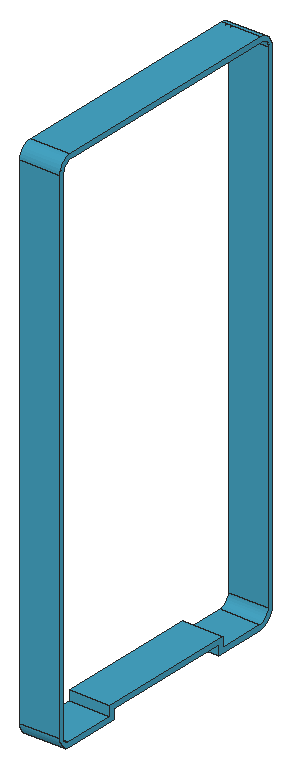
Revit family "product code 61218-S", category Meble, Revit 2021
Family settings
  Numer OmniClass = 23.40.20.00
  Tytuł OmniClass = General Furniture and Specialties
  Oparty na płaszczyźnie roboczej = Nie
  Zawsze pionowo = Tak
  Tnij formami wycięć po wczytaniu = Nie
  Współdzielony = Nie
  Punkt obliczania pomieszczeń = Nie
Parameters (values of type "61218-S")
  metal = Kobenhagen RAL 5012
  Width = "6 cm"
  Weight = "12 kg"
  URL = "https://kobenhagen.com/en_US/p/Frederiksberg-Bicycle-Stand-40-cm/151"
  Product line = "Frederiksberg"
  Product Groups = "Bicycle Stands"
  Producent = "Lars Laj"
  Keynote = ""
  Opis = "Frederiksberg Bicycle Stand 40 cm"
  Model = "61218-S-L"
  Material = "Powder coated steel"
  Maintenance = "We recommend to examine and tighten all screws and bolt clamps after a few weeks’ use. In order to prevent cracks and to extend the life of the wood, it is recommended that the wood details should be oiled every 3-5 years."
  Lenght = "40 cm"
  Type Comments = ""
  Kobenhagen Materials = "larslaj.com/bim"
  Hosted on larslaj.com = "https://larslaj.com/bim"
  Height = "80 cm"
  Domyślna rzędna = 0 mm
  Copyright = "All designs and drawings are the intellectual property of Lars Laj A/S and are protected by Danish and international copyright laws."
Reference planes
  plane 1 "front": y = 0
  plane 2: z = 0
  plane 3 "Środek (Lewa/Prawa)": x = 0
  plane 4 "back": y = 400
  plane 5: z = 705.918
Forms (mm)
  Extrusion 1, solid, material "Kobenhagen RAL 5012" <- "metal", not visible
    sketch origin (0, 0, 0) x (0, 1, 0) y (0, 0, 1)
      loop
        arc (71.187, 451.5) -> (57.045, 445.642) -> (51.187, 431.5) r 20
        line (51.187, 431.5) -> (51.187, 18.231)
        arc (51.187, 18.231) -> (56.527, 5.34) -> (69.418, 0) r 18.231
        line (69.418, 0) -> (153.638, 0) -> (153.638, 15) -> (448.638, 15) -> (448.638, 0) -> (527.023, 0)
        arc (527.023, 0) -> (542.307, 6.331) -> (548.638, 21.615) r 21.615
        line (548.638, 21.615) -> (548.638, 429.407)
        arc (548.638, 429.407) -> (542.168, 445.029) -> (526.545, 451.5) r 22.093
        line (526.545, 451.5) -> (71.187, 451.5)
    from 750.378 to 745
  Extrusion 2, solid, material "Kobenhagen RAL 5012" <- "metal", not visible
    sketch origin (0, 0, 0) x (0, 1, 0) y (0, 0, 1)
      loop
        line (548.638, 396.844) -> (629.375, 854.725) -> (601.836, 859.581)
        arc (601.836, 859.581) -> (585.224, 855.898) -> (576.082, 841.547) r 22.232
        line (576.082, 841.547) -> (507.306, 451.5) -> (526.545, 451.5)
        arc (526.545, 451.5) -> (542.168, 445.029) -> (548.638, 429.407) r 22.093
        line (548.638, 429.407) -> (548.638, 396.844)
    from 745 to 750.378
  Extrusion 3, solid, material "Kobenhagen Wood - Larch", not visible
    sketch origin (0, -896.088, 385.255) x (0, 1, 0) y (0, 0, 1)
      loop
        arc (244.222, 429.703) -> (240.686, 428.239) -> (239.222, 424.703) r 5
        line (239.222, 424.703) -> (239.222, 388.972)
        arc (239.222, 388.972) -> (239.796, 387.586) -> (241.182, 387.012) r 1.96
        line (241.182, 387.012) -> (327.222, 387.012)
        arc (327.222, 387.012) -> (328.636, 387.598) -> (329.222, 389.012) r 2
        line (329.222, 389.012) -> (329.222, 424.703)
        arc (329.222, 424.703) -> (327.757, 428.239) -> (324.222, 429.703) r 5
        line (324.222, 429.703) -> (244.222, 429.703)
    from -745.625 to 745.937
  Extrusion 4, solid, material "Kobenhagen Wood - Larch", not visible
    sketch origin (0, -998.538, 385.255) x (0, 1, 0) y (0, 0, 1)
      loop
        arc (252.671, 429.703) -> (249.136, 428.239) -> (247.671, 424.703) r 5
        line (247.671, 424.703) -> (247.671, 388.972)
        arc (247.671, 388.972) -> (248.245, 387.586) -> (249.631, 387.012) r 1.96
        line (249.631, 387.012) -> (335.671, 387.012)
        arc (335.671, 387.012) -> (337.085, 387.598) -> (337.671, 389.012) r 2
        line (337.671, 389.012) -> (337.671, 424.703)
        arc (337.671, 424.703) -> (336.207, 428.239) -> (332.671, 429.703) r 5
        line (332.671, 429.703) -> (252.671, 429.703)
    from -745.625 to 745.937
  Extrusion 5, solid, material "Kobenhagen Wood - Larch", not visible
    sketch origin (0, -1101.038, 385.255) x (0, 1, 0) y (0, 0, 1)
      loop
        arc (275.801, 429.704) -> (261.616, 423.828) -> (255.74, 409.642) r 20.061
        line (255.74, 409.642) -> (258.916, 409.642) -> (258.916, 387.013) -> (344.172, 387.013)
        arc (344.172, 387.013) -> (345.585, 387.598) -> (346.171, 389.012) r 1.999
        line (346.171, 389.012) -> (346.171, 424.706)
        arc (346.171, 424.706) -> (344.707, 428.24) -> (341.173, 429.704) r 4.998
        line (341.173, 429.704) -> (275.801, 429.704)
    from -745.625 to 745.937
  Extrusion 6, solid, material "Kobenhagen RAL 5012" <- "metal", not visible
    sketch origin (0, -896.058, 363.795) x (0, 1, 0) y (0, 0, 1)
      loop
        line (53.936, 431.102) -> (51.187, 431.102) -> (51.187, 407.787) -> (53.936, 407.787) -> (53.936, 431.102)
    from -745.625 to 745.937
  Extrusion 7, solid, material "Kobenhagen Wood - Larch", not visible
    sketch origin (0, 162.946, 385.255) x (0, -1, 0) y (0, 0, -1)
      loop
        line (275.801, -429.704) -> (342.815, -429.704)
        arc (342.815, -429.704) -> (346.349, -428.24) -> (347.813, -424.706) r 4.998
        line (347.813, -424.706) -> (347.813, -389.012)
        arc (347.813, -389.012) -> (347.227, -387.598) -> (345.813, -387.013) r 1.999
        line (345.813, -387.013) -> (258.705, -387.013) -> (258.705, -409.642) -> (255.74, -409.642)
        arc (255.74, -409.642) -> (261.616, -423.828) -> (275.801, -429.704) r 20.061
    from -745.625 to 745.938
  Extrusion 8, solid, material "Kobenhagen RAL 5012" <- "metal", not visible
    sketch origin (0, -41.823, 363.795) x (0, -1, 0) y (0, 0, -1)
      loop
        line (53.936, -431.102) -> (53.936, -407.787) -> (51.187, -407.787) -> (51.187, -431.102) -> (53.936, -431.102)
    from -745.625 to 745.938
  Extrusion 9, solid, material "Kobenhagen Wood - Larch", not visible
    sketch origin (0, -707.338, 385.255) x (0, 1, 0) y (0, 0, 1)
      loop
        arc (244.222, 429.703) -> (240.686, 428.239) -> (239.222, 424.703) r 5
        line (239.222, 424.703) -> (239.222, 388.972)
        arc (239.222, 388.972) -> (239.796, 387.586) -> (241.182, 387.012) r 1.96
        line (241.182, 387.012) -> (327.222, 387.012)
        arc (327.222, 387.012) -> (328.636, 387.598) -> (329.222, 389.012) r 2
        line (329.222, 389.012) -> (329.222, 424.703)
        arc (329.222, 424.703) -> (327.757, 428.239) -> (324.222, 429.703) r 5
        line (324.222, 429.703) -> (244.222, 429.703)
    from -745.625 to 745.937
  Extrusion 10, solid, material "Kobenhagen Wood - Larch", not visible
    sketch origin (0, -809.788, 385.255) x (0, 1, 0) y (0, 0, 1)
      loop
        arc (252.671, 429.703) -> (249.136, 428.239) -> (247.671, 424.703) r 5
        line (247.671, 424.703) -> (247.671, 388.972)
        arc (247.671, 388.972) -> (248.245, 387.586) -> (249.631, 387.012) r 1.96
        line (249.631, 387.012) -> (335.671, 387.012)
        arc (335.671, 387.012) -> (337.085, 387.598) -> (337.671, 389.012) r 2
        line (337.671, 389.012) -> (337.671, 424.703)
        arc (337.671, 424.703) -> (336.207, 428.239) -> (332.671, 429.703) r 5
        line (332.671, 429.703) -> (252.671, 429.703)
    from -745.625 to 745.937
  Extrusion 11, solid, material "Kobenhagen Wood - Larch", not visible
    sketch origin (0, -519.338, 385.255) x (0, 1, 0) y (0, 0, 1)
      loop
        arc (244.222, 429.703) -> (240.686, 428.239) -> (239.222, 424.703) r 5
        line (239.222, 424.703) -> (239.222, 388.972)
        arc (239.222, 388.972) -> (239.796, 387.586) -> (241.182, 387.012) r 1.96
        line (241.182, 387.012) -> (327.222, 387.012)
        arc (327.222, 387.012) -> (328.636, 387.598) -> (329.222, 389.012) r 2
        line (329.222, 389.012) -> (329.222, 424.703)
        arc (329.222, 424.703) -> (327.757, 428.239) -> (324.222, 429.703) r 5
        line (324.222, 429.703) -> (244.222, 429.703)
    from -745.625 to 745.937
  Extrusion 12, solid, material "Kobenhagen Wood - Larch", not visible
    sketch origin (0, -621.788, 385.255) x (0, 1, 0) y (0, 0, 1)
      loop
        arc (252.671, 429.703) -> (249.136, 428.239) -> (247.671, 424.703) r 5
        line (247.671, 424.703) -> (247.671, 388.972)
        arc (247.671, 388.972) -> (248.245, 387.586) -> (249.631, 387.012) r 1.96
        line (249.631, 387.012) -> (335.671, 387.012)
        arc (335.671, 387.012) -> (337.085, 387.598) -> (337.671, 389.012) r 2
        line (337.671, 389.012) -> (337.671, 424.703)
        arc (337.671, 424.703) -> (336.207, 428.239) -> (332.671, 429.703) r 5
        line (332.671, 429.703) -> (252.671, 429.703)
    from -745.625 to 745.937
  Extrusion 13, solid, material "Kobenhagen RAL 5012" <- "metal"
    sketch origin (870, -51.25, 0) x (0, 1, 0) y (0, 0, 1)
      loop
        line (450.826, 23.296) -> (450.826, 779.812)
        arc (450.826, 779.812) -> (444.968, 793.955) -> (430.826, 799.812) r 20
        line (430.826, 799.812) -> (71.187, 799.812)
        arc (71.187, 799.812) -> (57.045, 793.955) -> (51.187, 779.812) r 20
        line (51.187, 779.812) -> (51.187, 18.763)
        arc (51.187, 18.763) -> (56.683, 5.495) -> (69.95, 0) r 18.763
        line (69.95, 0) -> (153.638, 0) -> (153.638, 15) -> (350.826, 15) -> (350.826, 0) -> (427.53, 0)
        arc (427.53, 0) -> (444.003, 6.823) -> (450.826, 23.296) r 23.296
      loop
        arc (73.645, 793.812) -> (61.887, 788.942) -> (57.017, 777.184) r 16.628
        line (57.017, 777.184) -> (57.017, 18.763)
        arc (57.017, 18.763) -> (60.315, 10.799) -> (68.279, 7.5) r 11.263
        line (68.279, 7.5) -> (146.138, 7.5) -> (146.138, 22.5) -> (358.326, 22.5) -> (358.326, 7.5) -> (428.891, 7.5)
        arc (428.891, 7.5) -> (440.06, 12.127) -> (444.687, 23.296) r 15.796
        line (444.687, 23.296) -> (444.687, 780.419)
        arc (444.687, 780.419) -> (440.764, 789.89) -> (431.293, 793.812) r 13.394
        line (431.293, 793.812) -> (73.645, 793.812)
    from -893.125 to -833.125
Lines and regions (mm)
  model lines, style "9"
    curve 1: line (264.233, -99.489, 0) -> (264.233, -93.489, 0)
    curve 2: line (264.233, -399.489, 0) -> (264.233, -405.489, 0)
    curve 3: line (-304.767, -99.489, 0) -> (-304.767, -93.489, 0)
    curve 4: line (-304.767, -399.489, 0) -> (-304.767, -405.489, 0)
    curve 5: line (-281.767, -99.489, 0) -> (-281.767, -93.489, 0)
    curve 6: line (-281.767, -399.489, 0) -> (-281.767, -405.489, 0)
    curve 7: line (0, -245.5, 21) -> (0, -239.5, 21)
    curve 8: line (0, -445.5, 21) -> (0, -451.5, 21)
    curve 9: line (0, -194.867, 21.088) -> (0, -188.867, 21.088)
    curve 10: line (0, -744.867, 21.088) -> (0, -750.867, 21.088)
    curve 11: line (0, 199.767, 21) -> (0, 205.767, 21)
Dimensions and locks
  Extrusion 3 sketch curve to Extrusion 3 sketch curve = 90 mm
  Extrusion 3 sketch curve to Extrusion 3 sketch curve = 42.691 mm
  Extrusion 4 sketch curve to Extrusion 4 sketch curve = 90 mm
  Extrusion 4 sketch curve to Extrusion 4 sketch curve = 42.691 mm
  Extrusion 5 sketch curve to Extrusion 5 sketch curve = 42.691 mm
  Extrusion 7 sketch curve to Extrusion 7 sketch curve = 42.691 mm
  Extrusion 9 sketch curve to Extrusion 9 sketch curve = 90 mm
  Extrusion 9 sketch curve to Extrusion 9 sketch curve = 42.691 mm
  Extrusion 10 sketch curve to Extrusion 10 sketch curve = 90 mm
  Extrusion 10 sketch curve to Extrusion 10 sketch curve = 42.691 mm
  Extrusion 11 sketch curve to Extrusion 11 sketch curve = 90 mm
  Extrusion 11 sketch curve to Extrusion 11 sketch curve = 42.691 mm
  Extrusion 12 sketch curve to Extrusion 12 sketch curve = 90 mm
  Extrusion 12 sketch curve to Extrusion 12 sketch curve = 42.691 mm
  plane 4 "back" to plane 1 "front" = 400 mm
  aligned and locked: level to plane 2
